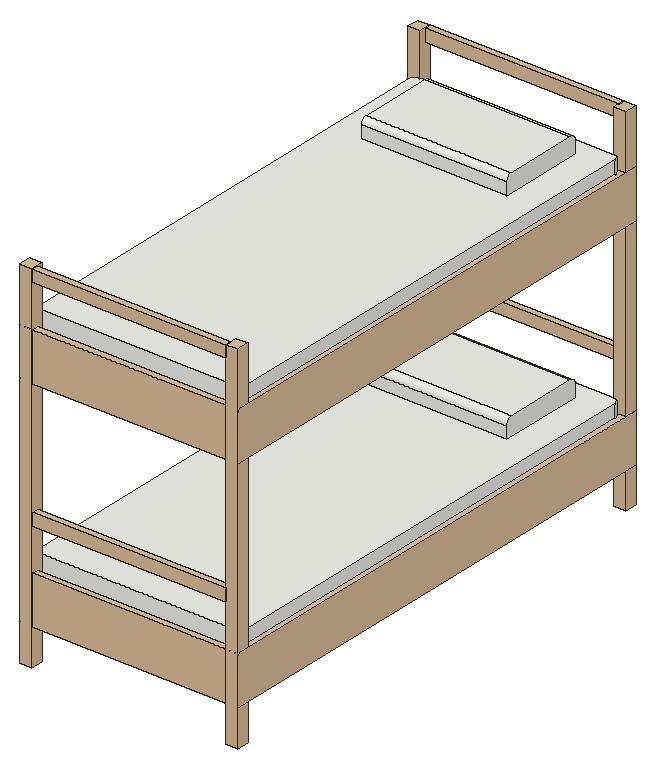
Revit family
Parameters (values of type "2083 x 0915 x 1500mm")
  Frame Material = Wood - Birch
  Height = 1500.00 mm
  Length = 2083.00 mm
  Mattress Material = Textile - White
  Width = 915.00 mm
Reference planes
  plane 1 "Center (Front/Back)": y = -390.993
  plane 2: z = 0
  plane 3 "Center (Left/Right)": x = 408.482
  plane 4: y = 650.507
  plane 5: y = -1432.493
  plane 6: x = 865.982
  plane 7: x = -49.018
  plane 8: z = 355.6
  plane 9: z = 1500
  plane 10: y = 523.407
  plane 11: y = 167.807
Forms (mm)
  Extrusion 1, solid, material "Wood - Birch"
    sketch origin (0, 0, 0) x (1, 0, 0) y (0, 1, 0)
      loop
        line (-49.018, 650.507) -> (-49.018, 599.707) -> (1.782, 599.707) -> (1.782, 650.507) -> (-49.018, 650.507)
      loop
        line (865.982, 650.507) -> (815.182, 650.507) -> (815.182, 599.707) -> (865.982, 599.707) -> (865.982, 650.507)
      loop
        line (-49.018, -1432.493) -> (1.782, -1432.493) -> (1.782, -1381.693) -> (-49.018, -1381.693) -> (-49.018, -1432.493)
      loop
        line (865.982, -1432.493) -> (865.982, -1381.693) -> (815.182, -1381.693) -> (815.182, -1432.493) -> (865.982, -1432.493)
    from 0 to 1500
  Extrusion 2, solid, material "Wood - Birch"
    sketch origin (0, 0, 0) x (1, 0, 0) y (0, 1, 0)
      loop
        line (-49.018, 650.507) -> (-49.018, -1432.493) -> (865.982, -1432.493) -> (865.982, 650.507) -> (-49.018, 650.507)
      loop
        line (-23.618, 625.107) -> (-23.618, -1407.093) -> (840.582, -1407.093) -> (840.582, 625.107) -> (-23.618, 625.107)
    from 152.4 to 355.6
  Extrusion 3, solid, material "Wood - Birch"
    sketch origin (0, 0, 0) x (1, 0, 0) y (0, 1, 0)
      loop
        line (-49.018, 650.507) -> (-49.018, -1432.493) -> (865.982, -1432.493) -> (865.982, 650.507) -> (-49.018, 650.507)
      loop
        line (-23.618, -1407.093) -> (840.582, -1407.093) -> (840.582, 625.107) -> (-23.618, 625.107) -> (-23.618, -1407.093)
    from 1068.2 to 1271.4
  Extrusion 4, solid, material "Textile - White" <- "Mattress Material"
    sketch origin (0, 0, 0) x (1, 0, 0) y (0, 1, 0)
      loop
        arc (1.782, 599.707) -> (-16.179, 592.267) -> (-23.618, 574.307) r 25.4
        line (-23.618, 574.307) -> (-23.618, -1356.293)
        arc (-23.618, -1356.293) -> (-16.179, -1374.254) -> (1.782, -1381.693) r 25.4
        line (1.782, -1381.693) -> (815.182, -1381.693)
        arc (815.182, -1381.693) -> (833.142, -1374.254) -> (840.582, -1356.293) r 25.4
        line (840.582, -1356.293) -> (840.582, 574.307)
        arc (840.582, 574.307) -> (833.142, 592.267) -> (815.182, 599.707) r 25.4
        line (815.182, 599.707) -> (1.782, 599.707)
    from 203.2 to 406.4
  Extrusion 5, solid, material "Textile - White" <- "Mattress Material"
    sketch origin (0, 0, 1271.4) x (1, 0, 0) y (0, 1, 0)
      loop
        arc (1.782, 599.707) -> (-16.179, 592.267) -> (-23.618, 574.307) r 25.4
        line (-23.618, 574.307) -> (-23.618, -1356.293)
        arc (-23.618, -1356.293) -> (-16.179, -1374.254) -> (1.782, -1381.693) r 25.4
        line (1.782, -1381.693) -> (815.182, -1381.693)
        arc (815.182, -1381.693) -> (833.142, -1374.254) -> (840.582, -1356.293) r 25.4
        line (840.582, -1356.293) -> (840.582, 574.307)
        arc (840.582, 574.307) -> (833.142, 592.267) -> (815.182, 599.707) r 25.4
        line (815.182, 599.707) -> (1.782, 599.707)
    from -152.4 to 50.8
  Extrusion 6, solid, material "Wood - Birch"
    sketch origin (0, 0, 1500) x (1, 0, 0) y (0, 1, 0)
      loop
        line (1.782, 650.507) -> (1.782, 625.107) -> (815.182, 625.107) -> (815.182, 650.507) -> (1.782, 650.507)
      loop
        line (1.782, -1432.493) -> (815.182, -1432.493) -> (815.182, -1407.093) -> (1.782, -1407.093) -> (1.782, -1432.493)
    from -50.8 to 0
  Extrusion 7, solid, material "Wood - Birch"
    sketch origin (0, 0, 355.6) x (0, -1, 0) y (1, 0, 0)
      loop
        line (1432.493, 1.782) -> (1432.493, 815.182) -> (1407.093, 815.182) -> (1407.093, 1.782) -> (1432.493, 1.782)
      loop
        line (-650.507, 1.782) -> (-625.107, 1.782) -> (-625.107, 815.182) -> (-650.507, 815.182) -> (-650.507, 1.782)
    from 177.8 to 228.6
  Sweep 8, solid, material "Textile - White" <- "Mattress Material"
    path origin (0, 0, 0) x (1, 0, 0) y (0, 1, 0)
      loop
        line (103.382, 523.507) -> (713.582, 523.507)
    profile origin (408.482, 0, 0) x (0, 1, 0) y (0, 0, 1)
      loop
        line (167.907, 406.4) -> (523.507, 406.4) -> (523.507, 457.2)
        arc (523.507, 457.2) -> (516.067, 475.161) -> (498.107, 482.6) r 25.4
        line (498.107, 482.6) -> (193.307, 482.6)
        arc (193.307, 482.6) -> (175.346, 475.161) -> (167.907, 457.2) r 25.4
        line (167.907, 457.2) -> (167.907, 406.4)
      loop
        line (167.907, 1320.8) -> (523.507, 1320.8) -> (523.507, 1371.6)
        arc (523.507, 1371.6) -> (516.067, 1389.561) -> (498.107, 1397) r 25.4
        line (498.107, 1397) -> (193.307, 1397)
        arc (193.307, 1397) -> (175.346, 1389.561) -> (167.907, 1371.6) r 25.4
        line (167.907, 1371.6) -> (167.907, 1320.8)
Lines and regions (mm)
  symbolic lines
    curve 1: line (-49.018, 650.507, 0) -> (865.982, 650.507, 0)
    curve 2: line (-49.018, 650.507, 0) -> (-49.018, -1432.493, 0)
    curve 3: line (-49.018, -1432.493, 0) -> (865.982, -1432.493, 0)
    curve 4: line (865.982, 650.507, 0) -> (865.982, -1432.493, 0)
    curve 5: line (-49.018, 650.507, 0) -> (1.782, 650.507, 0)
    curve 6: line (-49.018, 650.507, 0) -> (-49.018, 599.707, 0)
    curve 7: line (-49.018, 599.707, 0) -> (1.782, 599.707, 0)
    curve 8: line (1.782, 650.507, 0) -> (1.782, 599.707, 0)
    curve 9: line (815.182, 599.707, 0) -> (865.982, 599.707, 0)
    curve 10: line (815.182, 599.707, 0) -> (815.182, 650.507, 0)
    curve 11: line (815.182, 650.507, 0) -> (865.982, 650.507, 0)
    curve 12: line (865.982, 599.707, 0) -> (865.982, 650.507, 0)
    curve 13: line (1.782, -1381.693, 0) -> (-49.018, -1381.693, 0)
    curve 14: line (1.782, -1381.693, 0) -> (1.782, -1432.493, 0)
    curve 15: line (1.782, -1432.493, 0) -> (-49.018, -1432.493, 0)
    curve 16: line (-49.018, -1381.693, 0) -> (-49.018, -1432.493, 0)
    curve 17: line (865.982, -1432.493, 0) -> (815.182, -1432.493, 0)
    curve 18: line (865.982, -1432.493, 0) -> (865.982, -1381.693, 0)
    curve 19: line (865.982, -1381.693, 0) -> (815.182, -1381.693, 0)
    curve 20: line (815.182, -1432.493, 0) -> (815.182, -1381.693, 0)
    curve 21: line (103.382, 523.507, 0) -> (713.582, 523.507, 0)
    curve 22: line (103.382, 523.507, 0) -> (103.382, 167.907, 0)
    curve 23: line (103.382, 167.907, 0) -> (713.582, 167.907, 0)
    curve 24: line (713.582, 523.507, 0) -> (713.582, 167.907, 0)
    curve 25: line (840.582, 167.907, 0) -> (-23.618, -63.494, 0)
    curve 26: line (-23.618, 599.707, 0) -> (840.582, 599.707, 0)
    curve 27: line (-23.618, 599.707, 0) -> (-23.618, -1381.693, 0)
    curve 28: line (-23.618, -1381.693, 0) -> (840.582, -1381.693, 0)
    curve 29: line (840.582, 599.707, 0) -> (840.582, -1381.693, 0)
Dimensions and locks
  equal spacing: plane 7, plane 3 "Center (Left/Right)", plane 6
  equal spacing: plane 5, plane 1 "Center (Front/Back)", plane 4
  "Width": plane 7 to plane 6
  "Length": plane 5 to plane 4
  "Height": plane 2 to plane 9
  locked: Extrusion 5 to plane 9 at 177.8
  locked: Extrusion 3 to plane 9 at 228.6
  locked: Extrusion 3 to Extrusion 3 at 203.2
  locked: Extrusion 5 sketch curve to Extrusion 5 sketch curve at 25.4  (x2)
  locked: Extrusion 3 to curve 22 at 152.4
  locked: curve 24 to Extrusion 3 at 152.4
  locked: curve 23 to curve 21 at 355.6
  aligned and locked: Extrusion 1 to plane 9
  aligned and locked: Sweep 8 sketch curve to curve 22
  aligned and locked: Sweep 8 sketch curve to curve 24
  aligned and locked: Sweep 8 sketch curve to curve 21
Automatic sketch dimensions
  Extrusion 1 sketch curve to plane 5 = 0.00 mm  (x2)
  Extrusion 1 sketch curve to plane 7 = 0.00 mm  (x2)
  Extrusion 1 sketch curve to plane 4 = 0.00 mm  (x2)
  Extrusion 1 sketch curve to plane 6 = 0.00 mm  (x2)
  Extrusion 1 sketch curve to plane 7 = 50.80 mm
  Extrusion 1 sketch curve to Extrusion 1 sketch curve = 50.80 mm  (x7)
  Extrusion 2 sketch curve to plane 4 = 0.00 mm
  Extrusion 2 sketch curve to plane 7 = 0.00 mm
  Extrusion 2 sketch curve to plane 5 = 0.00 mm
  Extrusion 2 sketch curve to plane 6 = 0.00 mm
  Extrusion 2 sketch curve to Extrusion 2 sketch curve = 25.40 mm  (x2)
  Extrusion 2 sketch curve to plane 5 = 25.40 mm
  plane 4 to Extrusion 2 sketch curve = 25.40 mm
  Extrusion 3 sketch curve to plane 4 = 0.00 mm
  Extrusion 3 sketch curve to plane 7 = 0.00 mm
  Extrusion 3 sketch curve to plane 5 = 0.00 mm
  Extrusion 3 sketch curve to plane 6 = 0.00 mm
  Extrusion 3 sketch curve to Extrusion 3 sketch curve = 25.40 mm  (x2)
  Extrusion 3 sketch curve to plane 5 = 25.40 mm
  plane 4 to Extrusion 3 sketch curve = 25.40 mm
  Extrusion 4 sketch curve to plane 7 = 25.40 mm
  Extrusion 4 sketch curve to Extrusion 4 sketch curve = 25.40 mm  (x3)
  plane 6 to Extrusion 4 sketch curve = 50.80 mm  (x2)
  Extrusion 4 sketch curve to plane 5 = 50.80 mm
  plane 4 to Extrusion 4 sketch curve = 76.20 mm
  Extrusion 5 sketch curve to plane 7 = 25.40 mm
  Extrusion 5 sketch curve to Extrusion 5 sketch curve = 25.40 mm  (x2)
  Extrusion 5 sketch curve to plane 5 = 50.80 mm
  plane 6 to Extrusion 5 sketch curve = 50.80 mm
  plane 6 to Extrusion 5 sketch curve = 25.40 mm
  plane 4 to Extrusion 5 sketch curve = 76.20 mm
  Extrusion 6 sketch curve to plane 5 = 0.00 mm
  Extrusion 6 sketch curve to plane 4 = 0.00 mm
  Extrusion 6 sketch curve to plane 7 = 50.80 mm  (x2)
  plane 6 to Extrusion 6 sketch curve = 50.80 mm  (x2)
  plane 4 to Extrusion 6 sketch curve = 25.40 mm
  Extrusion 6 sketch curve to Extrusion 6 sketch curve = 25.40 mm
  Extrusion 7 sketch curve to plane 4 = 0.00 mm
  Extrusion 7 sketch curve to plane 5 = 0.00 mm
  plane 4 to Extrusion 7 sketch curve = 25.40 mm
  Extrusion 7 sketch curve to Extrusion 7 sketch curve = 25.40 mm
  Extrusion 7 sketch curve to plane 7 = 50.80 mm  (x2)
  plane 6 to Extrusion 7 sketch curve = 50.80 mm  (x2)
  curve 15 to plane 5 = 0.00 mm
  curve 15 to plane 7 = 0.00 mm
  curve 5 to plane 4 = 0.00 mm
  curve 1 to plane 6 = 0.00 mm
  curve 26 to plane 7 = 25.40 mm
  curve 5 to plane 7 = 50.80 mm
  curve 27 to curve 13 = 25.40 mm
  plane 6 to curve 17 = 50.80 mm
  curve 9 to curve 9 = 50.80 mm
  plane 6 to curve 25 = 25.40 mm
  curve 29 to plane 5 = 50.80 mm
  curve 13 to curve 27 = 0.00 mm
  plane 4 to curve 25 = 482.60 mm
  curve 25 to curve 23 = 231.401 mm
  plane 4 to curve 24 = 127.00 mm
  plane 4 to curve 12 = 50.80 mm
  curve 8 to curve 5 = 50.80 mm
  curve 29 to curve 9 = 0.00 mm
  curve 18 to curve 28 = 0.00 mm
  Sweep 8 sketch curve to profile plane = 0.00 mm  (x2)
  profile plane to Sweep 8 sketch curve = 25.40 mm  (x2)
  Sweep 8 sketch curve to Sweep 8 sketch curve = 304.80 mm  (x2)
  Sweep 8 sketch curve to Sweep 8 sketch curve = 25.40 mm  (x2)
  level to Sweep 8 sketch curve = 406.40 mm
  Sweep 8 sketch curve to Sweep 8 sketch curve = 50.80 mm  (x2)
  Sweep 8 sketch curve to Sweep 8 sketch curve = 838.20 mm
